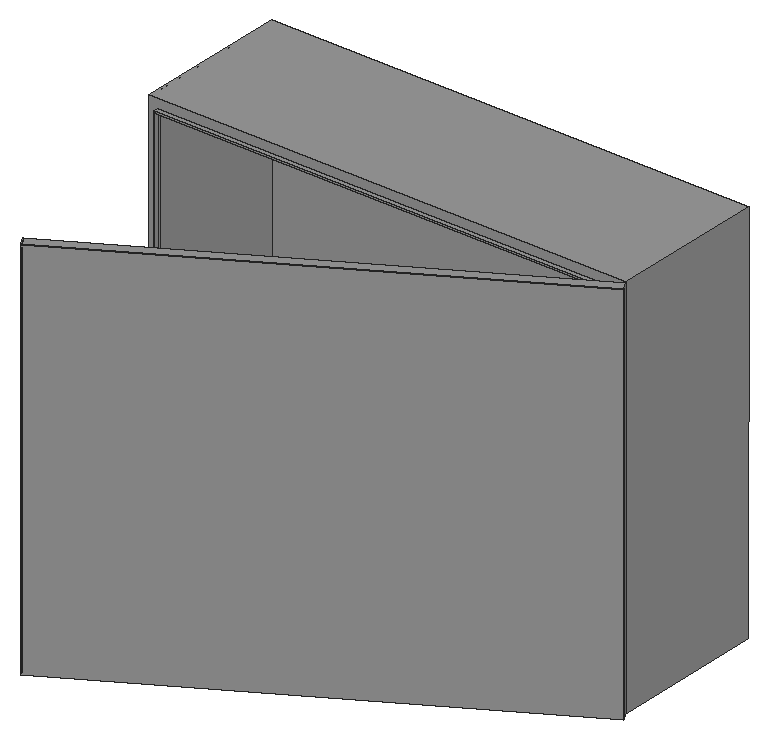
Revit family "Hager-Univers-IP55-D275-H650-Cl.II-Steel_encl-NoHosted-BE-fr", category Electrical Equipment, Revit 2020
Family settings
  Panel Configuration = Two Columns, Circuits Across
  Round Connector Dimension = Use Diameter
  Part Type = Panelboard
  Work Plane-Based = Yes
  Always vertical = Yes
  Cut with Voids When Loaded = No
  Shared = No
  Room Calculation Point = No
Parameters (values of type "saillie IP55 L800 H650 P275  - FR43S")
  Width Control [instance] = if([EF000008 - largeur] > Min Width, [EF000008 - largeur], Min Width)  # 800 mm
  Type Comments = [HG000003 - Gamme]  # "Univers"
  Thickness Door [instance] = if([EF009171 - épaisseur de matériau de la porte/du couvercle] > 3 mm, 3 mm, [EF009171 - épaisseur de matériau de la porte/du couvercle])  # 1.5 mm
  Seal Frame Offset [instance] = 17 mm  # constant formula
  Plinth Visibility [instance] = [HG000027 - Hauteur du socle] > 0 mm  # no
  Min Width [instance] = 100 mm  # constant formula
  Min Depth [instance] = (2 * [EF009170 - épaisseur de matériau du boîtier]) + 1 mm  # 4 mm
  Min Height [instance] = 100 mm  # constant formula
  Internal Frame Depth [instance] = (Door System Depth * 0.5)  # 9 mm
  Panel Name [instance] = ""  # (empty or 0)
  Model = ""
  HG000027 - Hauteur du socle = 0 mm
  HG000026 - Installation au sol = no
  HG000024 - Hauteur de la section basse = 600 mm
  HG000023 - Armoire double section = no
  HG000016 - Visibilité de la porte 3D [instance] = yes
  HG000015 - Visibilité de l'emprise de la porte [instance] = no
  HG000014 - Porte à droite [instance] = yes
  HG000013 - Porte à gauche [instance] = not([HG000014 - Porte à droite])  # no
  HG000012 - Angle de pivotement de la porte [instance] = 30.00°
  HG000010 - Portes asymétriques = no
  HG000009 - Porte à double battant = no
  HG000006 - Encastré = no
  HG000004 - Référence fabricant = "FR43S"
  HG000003 - Gamme = "Univers"
  HG000002 - avec porte = yes
  Frame Offset Bottom [instance] = 10 mm  # constant formula
  Frame Offset [instance] = 15 mm  # constant formula
  EF015940 - couvercle avec décharge de pression = no
  EF011959 - degré de protection (NEMA) = ""
  EF009554 - nombre d'ouvertures pour plaques à bride = 6
  EF009212 - finition du couvercle = "EV000116 - fermé"
  EF009171 - épaisseur de matériau de la porte/du couvercle = 1.5 mm
  EF009170 - épaisseur de matériau du boîtier = 1.5 mm
  EF008873 - courant nominal (In) = 800 A
  EF007800 - adapté à un parafoudre = no
  EF006306 - avec serrure = no
  EF006244 - couvercle/porte transparent(e) = no
  EF005474 - indice de protection (IP) = "EV006420 - IP55"
  EF004464 - type de porte = "EV002646 - unique"
  EF004427 - nombre de modules = 144
  EF004293 - indice de protection contre les chocs (IK) = "EV008784 - IK10"
  EF003532 - convient pour utilisation à l’extérieur = no
  EF002950 - largeur en nombre de modules = 24
  EF001613 - maintien de fonction = "EV000494 - sans"
  EF001596 - matériau du boîtier/corps = "EV000179 - acier"
  EF001131 - profondeur intérieure = 275 mm
  EF001088 - possibilité de montage en saillie = yes
  EF000437 - nombre d'entrées de conduit = 6
  EF000339 - type de capot = "EV004216 - porte"
  EF000266 - nombre de rangées = 4
  EF000218 - profondeur d'encastrement = 0 mm
  EF000118 - avec cadre/support de montage = no
  EF000116 - numéro RAL = "7035"
  EF000049 - profondeur = 275 mm
  EF000040 - hauteur = 650 mm
  EF000008 - largeur = 800 mm
  EF000007 - couleur = "EV000270 - gris"
  EF000003 - mode de pose = "EV000384 - saillie"
  Door System Leaf Tolerance [instance] = 1.5 mm  # constant formula
  Door System Depth [instance] = 18 mm  # constant formula
  Door Height [instance] = Height Control - [HG000027 - Hauteur du socle]  # 650 mm
  Description = ""
  Default Elevation = 1219.2 mm
  Connector Offset [instance] = Height Control / 2  # 325 mm
  Manufacturer = "Hager"  # constant formula
  Height Control [instance] = if([EF000040 - hauteur] > Min Height, [EF000040 - hauteur], Min Height)  # 650 mm
  Depth Control [instance] = if([EF000049 - profondeur] > Min Depth, [EF000049 - profondeur], Min Depth)  # 275 mm
  Bottom Top Plate Trim [instance] = 1.5 mm  # constant formula
  Plinth height Ctrl [instance] = if([HG000027 - Hauteur du socle] > 0 mm, [HG000027 - Hauteur du socle], 12 mm)  # 12 mm
Types (5, lengths in mm): name | Width Control | HG000010 - Portes asymétriques | HG000009 - Porte à double battant | HG000004 - Référence fabricant | EF009554 - nombre d'ouvertures pour plaques à bride | EF004464 - type de porte | EF004427 - nombre de modules | EF000437 - nombre d'entrées de conduit | EF000008 - largeur
  saillie IP55 L1050 H650 P275  - FR44S | 1050 | no | yes | "FR44S" | 8 | "EV003602 - double" | 192 | 8 | 1050
  saillie IP55 L1300 H650 P275  - FR45S | 1300 | yes | yes | "FR45S" | 10 | "EV003602 - double" | 240 | 10 | 1300
  saillie IP55 L300 H650 P275  - FR41S | 300 | no | no | "FR41S" | 2 | "EV002646 - unique" | 48 | 2 | 300
  saillie IP55 L550 H650 P275  - FR42S | 550 | no | no | "FR42S" | 4 | "EV002646 - unique" | 96 | 4 | 550
  saillie IP55 L800 H650 P275  - FR43S | 800 | no | no | "FR43S" | 6 | "EV002646 - unique" | 144 | 6 | 800
Reference planes
  plane 1 "Center (Front/Back)": y = 0
  plane 2: z = 0
  plane 3 "Center (Left/Right)": x = 0
  plane 4: y = 0
  plane 5: y = 0
  plane 6: z = 0
  plane 7: x = -400
  plane 8: x = 400
  plane 9: x = 398.5
  plane 10: x = -398.5
  plane 11: z = 0
  plane 12: z = 1.5
  plane 13: y = -275
  plane 14: y = -1.5
  plane 15: x = 0
  plane 16: y = -257
  plane 17: y = -273.5
  plane 18: y = -255.5
  plane 19: x = -383.5
  plane 20: x = 383.5
  plane 21: z = 11.5
  plane 22: x = -383
  plane 23: x = 383
  plane 24: z = 0
  plane 25: z = 650
  plane 26: z = 650
  plane 27: z = 633.5
  plane 28: z = 648.5
Forms (mm)
  Extrusion 1, solid, material "Hager_Steel_RAL7035_Light_Grey", detail levels medium+fine
    sketch origin (-208.679, -4572, 0) x (-1, 0, 0) y (0, -1, 0)
      loop
        line (191.321, -4315) -> (-608.679, -4315) -> (-608.679, -4572) -> (191.321, -4572) -> (191.321, -4315)
    from 0 to 650
  Extrusion 2, void
    sketch origin (-350.771, -275, 1219.2) x (1, 0, 0) y (0, 0, 1)
      loop
        line (-47.729, -570.7) -> (-47.729, -1217.7) -> (749.271, -1217.7) -> (749.271, -570.7) -> (-47.729, -570.7)
    from -19.5 to -273.5
  Extrusion 3, void
    sketch origin (-290.084, -257, 1219.2) x (1, 0, 0) y (0, 0, 1)
      loop
        line (-93.416, -1207.7) -> (673.584, -1207.7) -> (673.584, -585.7) -> (-93.416, -585.7) -> (-93.416, -1207.7)
    from 0 to -1.5
  Extrusion 4, solid, material "Hager_Steel_RAL7035_Light_Grey", visible <- "Plinth Visibility", detail levels medium+fine
    sketch origin (0, 0, 0) x (1, 0, 0) y (0, 1, 0)
      loop
        line (-400, 0) -> (-400, -257) -> (400, -257) -> (400, 0) -> (-400, 0)
    from 0 to 12 <- "Plinth height Ctrl"
  Extrusion 5, solid, material "Hager_Steel_RAL7035_Light_Grey", detail levels coarse
    sketch origin (0, 0, 0) x (1, 0, 0) y (0, 1, 0)
      loop
        line (-400, 0) -> (-400, -275) -> (400, -275) -> (400, 0) -> (-400, 0)
    from 0 to 650 <- "Height Control"
  Sweep 6, void
    path in 3D
      loop
        line (-400, -257, 12) -> (400, -257, 12) -> (400, 0, 12) -> (-400, 0, 12) -> (-400, -257, 12)
    profile origin (-400, -128.5, 12) x (1, 0, 0) y (0, 0, 1)
      loop
        line (0, 0) -> (0, -1.5) -> (1.5, -1.5)
        arc (1.5, -1.5) -> (1.061, -0.439) -> (0, 0) r 1.5
  Extrusion 7, solid, material "Hager_Steel_RAL7035_Light_Grey", detail levels fine
    sketch origin (-400, -257, 0) x (1, 0, 0) y (0, 0, 1)
      loop
        line (16.5, 11.5) -> (783.5, 11.5) -> (783.5, 633.5) -> (16.5, 633.5) -> (16.5, 11.5)
      loop
        line (15, 10) -> (785, 10) -> (785, 635) -> (15, 635) -> (15, 10)
    from 0 to 9 <- "Internal Frame Depth"
Cuts and joins
  Extrusion 2, Extrusion 3 cuts Extrusion 1
  Sweep 6 cuts Extrusion 4
Lines and regions (mm)
  Masking region 1
    outline origin (0, 0, 0) x (1, 0, 0) y (0, 1, 0)
      loop
        line (-400, 0) -> (-400, -275) -> (400, -275) -> (400, 0) -> (-400, 0)
  Masking region 2, detail levels coarse
    outline origin (-290.084, -257, 1219.2) x (-1, 0, 0) y (0, 0, 1)
      loop
        line (-690.084, -1219.2) -> (109.916, -1219.2) -> (109.916, -569.2) -> (-690.084, -569.2) -> (-690.084, -1219.2)
  Masking region 3, detail levels coarse
    outline origin (0, 0, 0) x (0, 1, 0) y (0, 0, 1)
      loop
        line (0, 0) -> (0, 650) -> (-275, 650) -> (-275, 0) -> (0, 0)
  Masking region 4, visible <- "Plinth Visibility", detail levels medium+fine
    outline origin (0, 0, 0) x (0, 1, 0) y (0, 0, 1)
      loop
        line (-1.5, 12) -> (-255.5, 12)
        arc (-255.5, 12) -> (-255.939, 10.939) -> (-257, 10.5) r 1.5
        line (-257, 10.5) -> (-257, 0) -> (0, 0) -> (0, 10.5)
        arc (0, 10.5) -> (-1.061, 10.939) -> (-1.5, 12) r 1.5
  Masking region 5, detail levels medium+fine
    outline origin (0, 0, 594.038) x (0, 1, 0) y (0, 0, 1)
      loop
        line (0, -594.038) -> (0, 55.962) -> (-257, 55.962) -> (-257, -594.038) -> (0, -594.038)
  Masking region 6, detail levels medium+fine
    outline origin (-359.7, -257, 1211.883) x (-1, 0, 0) y (0, 0, 1)
      loop
        line (-759.7, -1211.883) -> (40.3, -1211.883) -> (40.3, -561.883) -> (-759.7, -561.883) -> (-759.7, -1211.883)
  Masking region 7, visible <- "Plinth Visibility", detail levels medium+fine
    outline origin (-320.334, -257, 1041.368) x (-1, 0, 0) y (0, 0, 1)
      loop
        line (-720.334, -1041.368) -> (79.666, -1041.368) -> (79.666, -1030.868)
        arc (79.666, -1030.868) -> (78.606, -1030.429) -> (78.166, -1029.368) r 1.5
        line (78.166, -1029.368) -> (-718.834, -1029.368)
        arc (-718.834, -1029.368) -> (-719.273, -1030.429) -> (-720.334, -1030.868) r 1.5
        line (-720.334, -1030.868) -> (-720.334, -1041.368)
  sketch lines
    curve 1: line (-400, 0, 12) -> (-400, -257, 12)
    curve 2: line (-400, -257, 12) -> (400, -257, 12)
    curve 3: line (400, 0, 12) -> (-400, 0, 12)
    curve 4: line (400, -257, 12) -> (400, 0, 12)
Dimensions and locks
  locked: plane 1 "Center (Front/Back)" to plane 5
  "EF009170 - épaisseur de matériau du boîtier": plane 7 to plane 10
  "EF009170 - épaisseur de matériau du boîtier": plane 8 to plane 9
  equal spacing: plane 7, plane 3 "Center (Left/Right)", plane 8
  "Width Control": plane 7 to plane 8
  "Depth Control": plane 4 to plane 13
  "EF009170 - épaisseur de matériau du boîtier": plane 4 to plane 14
  "Height Control": plane 25 to level
  "HG000027 - Hauteur du socle": plane 11 to level
  "EF009170 - épaisseur de matériau du boîtier": plane 12 to plane 11
  "EF009170 - épaisseur de matériau du boîtier": plane 17 to plane 13
  "EF009170 - épaisseur de matériau du boîtier": plane 18 to plane 16
  "Frame Offset Bottom": plane 21 to plane 12
  "Frame Offset": plane 10 to plane 19
  "Frame Offset": plane 9 to plane 20
  "Door System Depth": plane 16 to plane 13
  "Seal Frame Offset": plane 7 to plane 22
  "Seal Frame Offset": plane 8 to plane 23
  "EF009170 - épaisseur de matériau du boîtier": plane 26 to plane 28
  "Frame Offset": plane 28 to plane 27
  "Connector Offset": plane 2 to connector elem
  "Bottom Top Plate Trim": profile plane to Sweep 6 sketch curve
  "Bottom Top Plate Trim": Sweep 6 sketch curve to Sweep 6 sketch curve
  "Plinth height Ctrl": Masking region 4 sketch curve to level
  "Plinth height Ctrl": Masking region 7 sketch curve to level
  "Thickness Door": Extrusion 7 sketch curve to Extrusion 7 sketch curve  (x4)
  "Bottom Top Plate Trim": radius of Sweep 6 sketch curve
  "Bottom Top Plate Trim": radius of Masking region 4 sketch curve  (x2)
  "Bottom Top Plate Trim": radius of Masking region 7 sketch curve  (x2)
  aligned and locked: Extrusion 2 sketch curve to plane 12
  aligned and locked: Extrusion 2 sketch curve to plane 9
  aligned and locked: Extrusion 2 sketch curve to plane 10
  aligned and locked: Extrusion 2 to plane 14
  aligned and locked: Extrusion 1 sketch curve to plane 4
  aligned and locked: plane 8 to Extrusion 1 sketch curve
  aligned and locked: plane 7 to Extrusion 1 sketch curve
  aligned and locked: Extrusion 2 to plane 18
  aligned and locked: Extrusion 3 sketch curve to plane 19
  aligned and locked: plane 20 to Extrusion 3 sketch curve
  aligned and locked: Extrusion 3 to Extrusion 2
  aligned and locked: Extrusion 3 sketch curve to plane 21
  aligned and locked: plane 3 "Center (Left/Right)" to nested 1
  aligned and locked: Extrusion 1 sketch curve to plane 16
  aligned and locked: Extrusion 4 sketch curve to cut or joined group of Extrusion 1, Extrusion 2, Extrusion 3
  aligned and locked: Masking region 1 sketch curve to plane 7
  aligned and locked: Masking region 1 sketch curve to plane 5
  aligned and locked: Masking region 1 sketch curve to plane 8
  aligned and locked: Masking region 2 sketch curve to level
  aligned and locked: level to Masking region 3 sketch curve
  aligned and locked: plane 1 "Center (Front/Back)" to Masking region 3 sketch curve
  aligned and locked: plane 13 to Masking region 3 sketch curve
  aligned and locked: plane 5 to Masking region 4 sketch curve
  aligned and locked: Masking region 2 sketch curve to plane 8
  aligned and locked: Masking region 2 sketch curve to plane 7
  aligned and locked: plane 7 to nested 2
  aligned and locked: nested 2 to plane 5
  aligned and locked: plane 5 to Masking region 5 sketch curve
  aligned and locked: plane 26 to Masking region 5 sketch curve
  aligned and locked: Extrusion 5 sketch curve to plane 8
  aligned and locked: Extrusion 5 sketch curve to plane 7
  aligned and locked: Extrusion 5 sketch curve to plane 5
  aligned and locked: Extrusion 3 sketch curve to plane 27
  aligned and locked: Extrusion 2 sketch curve to plane 28
  aligned and locked: Masking region 2 to plane 25
  aligned and locked: Extrusion 4 to plane 16
  aligned and locked: profile plane to Sweep 6 sketch curve
  aligned and locked: Masking region 5 sketch curve to plane 24
  aligned and locked: level to Masking region 4 sketch curve
  aligned and locked: Masking region 1 to plane 13
  aligned and locked: nested 1 to plane 16
  aligned and locked: Masking region 3 to plane 25
  aligned and locked: plane 16 to Masking region 4 sketch curve
  aligned and locked: Masking region 5 sketch curve to plane 16
  aligned and locked: plane 24 to plane 11
  aligned and locked: plane 26 to plane 25
  aligned and locked: plane 26 to cut or joined group of Extrusion 1, Extrusion 2, Extrusion 3
  aligned and locked: nested 1 to plane 24
  aligned and locked: Extrusion 1 to Extrusion 3
  aligned and locked: Masking region 6 sketch curve to plane 8
  aligned and locked: Masking region 6 sketch curve to plane 24
  aligned and locked: Masking region 6 sketch curve to plane 7
  aligned and locked: Masking region 6 sketch curve to plane 26
  aligned and locked: Masking region 7 sketch curve to plane 7
  aligned and locked: level to Masking region 7 sketch curve
  aligned and locked: Masking region 7 sketch curve to plane 8
  aligned and locked: Extrusion 7 sketch curve to cut or joined group of Extrusion 1, Extrusion 2, Extrusion 3  (x4)
Automatic sketch dimensions
  plane 19 to Extrusion 3 sketch curve = 0 mm
  Extrusion 3 sketch curve to plane 20 = 0 mm
  Extrusion 3 sketch curve to plane 21 = 0 mm
  Extrusion 4 sketch curve to plane 7 = 0 mm
  Extrusion 4 sketch curve to plane 8 = 0 mm
  Extrusion 4 sketch curve to plane 16 = 0 mm
  Masking region 1 sketch curve to plane 13 = 0 mm
  Masking region 2 sketch curve to plane 25 = 0 mm
  Masking region 3 sketch curve to plane 25 = 0 mm
  Extrusion 5 sketch curve to plane 13 = 0 mm
  profile plane to Sweep 6 sketch curve = 0 mm
Nested families
  nested 1: "EC000058_Univers_Door" at (0, -257, 0), Double <- "HG000009 - Porte à double battant", Transparent <- "EF006244 - couvercle/porte transparent(e)", Angle <- "HG000012 - Angle de pivotement de la porte", Door_Right <- "HG000014 - Porte à droite", Assymetrical <- "HG000010 - Portes asymétriques", Door <- "HG000002 - avec porte", Width_Ctrl <- "Width Control", 3d_Door <- "HG000016 - Visibilité de la porte 3D", Clearance <- "HG000015 - Visibilité de l'emprise de la porte", Door_Left <- "HG000013 - Porte à gauche", Width <- "Width Control", Door_Depth <- "Door System Depth", Leaf_Tolerance <- "Door System Leaf Tolerance", Height <- "Door Height", Lock_Visibility <- "EF006306 - avec serrure", Thickness <- "Thickness Door", type "EC000058_Univers_Door", detail levels medium+fine
    with min_wh 4 mm, Width_Ctrl 800 mm, Width 800 mm, Transparent no, Thickness 1.5 mm, Seal_Material Hager_Rubber, Lock_Visibility no, Lock_Material Hager_Plastic_RAL9005_Jet_Black, Leaf_Width 800 mm, Leaf_Tolerance_External_Sides 0 mm, Leaf_Tolerance 1.5 mm, Leaf_Offset 0 mm, Leaf_Height 647 mm, Leaf_2_Width 800 mm, Leaf_2_Offset 400 mm, Leaf_1_Width 800 mm, Leaf_1_Offset 400 mm, Height_Ctrl 650 mm, Height 650 mm, Glass_Material Hager_Glass, Double_Clearance_Ctrl no, Double no, Door_Right_Ctrl yes, Door_Right yes, Door_Material Hager_Steel_RAL7035_Light_Grey, Door_Left_Ctrl no, Door_Left no, Door_Depth 18 mm, Door yes, Clearance_Material Hager_Clearance, Clearance_Depth 800 mm, Clearance_Ctrl no, Clearance no, Assymetrical no, Angle 30.00°, 3d_Door yes
  nested 2: "Hager_Enclosure_Symbol" at (-400, 0, 0), Height <- "Depth Control", Width <- "Width Control", type "Hager_Enclosure_Symbol"
    with Width_Ctrl 800 mm, Width 800 mm, Height_Ctrl 275 mm, Height 275 mm, A_Width_Int 18.047 mm, A_Width 216.562 mm, A_Height_Ctrl 240.625 mm, A_Height 240.625 mm
Connectors
  electrical at (0, 0, 325)
    settings: on plane 1 "Center (Front/Back)", index 1, voltage 0 V, apparent load 0 VA, apparent load phase1 0 VA, apparent load phase2 0 VA, apparent load phase3 0 VA, power factor 1, load classification "Other", number of poles 1, system type 30, power factor state 1, is connector primary yes, connector utility no, sub classification motor no, connector description ""
Definition of nested family "EC000058_Univers_Door"
  Parameters (values of type "EC000058_Univers_Door")
    min_wh [instance] = (2 * Thickness) + 1 mm  # 11 mm
    Width_Ctrl [instance] = 400 mm
    Width [instance] = 500 mm
    Transparent [instance] = yes
    Thickness [instance] = 5 mm
    Seal_Material [instance] = none
    Lock_Visibility [instance] = yes
    Lock_Material [instance] = none
    Leaf_Width [instance] = if((Width_Ctrl - 2 * Leaf_Tolerance_External_Sides) > 0 mm, (Width_Ctrl - 2 * Leaf_Tolerance_External_Sides), min_wh)  # 400 mm
    Leaf_Tolerance_External_Sides [instance] = 0 mm  # constant formula
    Leaf_Tolerance [instance] = 1.5 mm
    Leaf_Offset [instance] = 0 mm  # constant formula
    Leaf_Height [instance] = if((Height_Ctrl - 2 * Leaf_Tolerance) > 0 mm, (Height_Ctrl - 2 * Leaf_Tolerance), min_wh)  # 497 mm
    Leaf_2_Width [instance] = if(and(and(Double, Assymetrical), Door_Left), (Leaf_Width / 3) - (Leaf_Tolerance / 2), if(and(and(Double, Assymetrical), Door_Right), (Leaf_Width / 3) * 2 - (Leaf_Tolerance / 2), if(and(Double, not(Assymetrical)), (Leaf_Width / 2) - Leaf_Tolerance, Leaf_Width)))  # 400 mm
    Leaf_2_Offset [instance] = if(and(Double, Assymetrical), Leaf_2_Width / 2, if(and(Double, not(Assymetrical)), Leaf_Width / 4, Leaf_Width / 2))  # 200 mm
    Leaf_1_Width [instance] = if(and(and(Double, Assymetrical), Door_Right), (Leaf_Width / 3) - (Leaf_Tolerance / 2), if(and(and(Double, Assymetrical), Door_Left), (Width / 3) * 2 - (Leaf_Tolerance / 2), if(and(Double, not(Assymetrical)), (Leaf_Width / 2) - Leaf_Tolerance, Leaf_Width)))  # 400 mm
    Leaf_1_Offset [instance] = if(and(Double, Assymetrical), Leaf_1_Width / 2, if(and(Double, not(Assymetrical)), Leaf_Width / 4, Leaf_Width / 2))  # 200 mm
    Height_Ctrl [instance] = if(Height > min_wh, Height, min_wh)  # 500 mm
    Height [instance] = 500 mm
    Glass_Material [instance] = none
    Double_Clearance_Ctrl [instance] = and(Double, Clearance)  # no
    Double [instance] = no
    Door_Right_Ctrl [instance] = and(or(Door_Right, Double), Door)  # yes
    Door_Right [instance] = yes
    Door_Material [instance] = none
    Door_Left_Ctrl [instance] = and(or(Door_Left, Double), Door)  # no
    Door_Left [instance] = no
    Door_Depth [instance] = 30 mm
    Door [instance] = yes
    Default Elevation = 1219.2 mm
    Clearance_Material [instance] = none
    Clearance_Depth [instance] = if(Leaf_1_Width > Leaf_2_Width, Leaf_1_Width, Leaf_2_Width)  # 400 mm
    Clearance_Ctrl [instance] = and(not(Double), Clearance)  # yes
    Clearance [instance] = yes
    Assymetrical [instance] = yes
    Angle [instance] = 30.00°
    3d_Door [instance] = yes
  Reference planes
    plane 1 "Center (Front/Back)": y = 0
    plane 2 "Bottom": z = 0
    plane 3 "Center (Left/Right)": x = 0
    plane 4: z = 500
    plane 5: x = -200
    plane 6: x = 200
    plane 7: z = 500
    plane 8: x = -200
    plane 9: z = 0
    plane 10: x = 200
    plane 11: y = 0
    plane 12: z = 1.5
    plane 13: x = -600
    plane 14: y = -400
    plane 15: x = 600
    plane 16: x = 0
    plane 17: x = 0
    plane 18: x = -200
    plane 19: x = 200
    plane 20: z = 498.5
  Forms (mm)
    Extrusion 1, solid, material <- "Clearance_Material", visible <- "Double_Clearance_Ctrl"
      sketch origin (1200, 0, 0) x (1, 0, 0) y (0, 0, -1)
        loop
          line (-1800, -498.5) -> (-600, -498.5) -> (-600, 0) -> (-1800, 0) -> (-1800, -498.5)
      from 0 to -400
  Dimensions and locks
    equal spacing: plane 5, plane 3 "Center (Left/Right)", plane 6
    "Width_Ctrl": plane 5 to plane 6
    "Leaf_Offset": plane 5 to plane 8
    "Leaf_Offset": plane 6 to plane 10
    "Leaf_Offset": plane 9 to level
    "Leaf_Offset": plane 4 to plane 7
    "Height_Ctrl": plane 4 to level
    "Leaf_Tolerance": plane 12 to plane 9
    locked: plane 11 to plane 1 "Center (Front/Back)"
    "Leaf_1_Offset": plane 18 to plane 16
    "Leaf_2_Offset": plane 17 to plane 19
    "Leaf_1_Width": plane 13 to plane 8
    "Leaf_2_Width": plane 10 to plane 15
    "Clearance_Depth": plane 14 to plane 1 "Center (Front/Back)"
    "Leaf_Tolerance_External_Sides": plane 8 to plane 18
    "Leaf_Tolerance_External_Sides": plane 19 to plane 10
    "Leaf_Tolerance": plane 7 to plane 20
    aligned and locked: level to plane 2 "Bottom"
    aligned and locked: nested 1 to plane 16
    aligned and locked: nested 2 to plane 17
    aligned and locked: Extrusion 1 to plane 13
    aligned and locked: plane 15 to Extrusion 1
    aligned and locked: Extrusion 1 to plane 14
    aligned and locked: plane 12 to nested 1
    aligned and locked: nested 2 to plane 12
    aligned and locked: Extrusion 1 to plane 11
    aligned and locked: plane 20 to Extrusion 1
    aligned and locked: nested 2 to plane 11
    aligned and locked: nested 1 to plane 11
  Automatic sketch dimensions
    Extrusion 1 sketch curve to level = 0 mm
    plane 5 to Extrusion 1 sketch curve = 400 mm
    plane 6 to Extrusion 1 sketch curve = 400 mm
    Extrusion 1 sketch curve to plane 4 = 1.5 mm
  Nested families
    nested 1: "EC000058_Univers_Door_Leaf" at (0, 0, 1.5), Width <- "Leaf_1_Width", visible <- "Door_Left_Ctrl", Leaf_Height <- "Leaf_Height", Angle <- "Angle", 3d_Door <- "3d_Door", Transparent <- "Transparent", Clearance Material <- "Clearance_Material", Clearance <- "Clearance_Ctrl", Door_Material <- "Door_Material", Glass_Material <- "Glass_Material", Door_Depth <- "Door_Depth", Lock_Material <- "Lock_Material", Seal_Material <- "Seal_Material", Lock_Visibility <- "Lock_Visibility", Thickness <- "Thickness", type "EC000058_Univers_Door_Leaf"
      with Width 400 mm, Transparent_Glass_Offset 30 mm, Transparent_Ctrl yes, Transparent yes, Thickness 5 mm, Standard no, Seal_Material none, Seal_D2 8 mm, Seal_D1 1 mm, Offset_Internal_Frame 10 mm, Lock_Width 20 mm, Lock_Visibility_3d yes, Lock_Visibility yes, Lock_Thickness_3 3 mm, Lock_Thickness_2 1 mm, Lock_Thickness_1 3 mm, Lock_Radius_Offset_2 16 mm, Lock_Radius_Offset_1 15 mm, Lock_Radius_2 5 mm, Lock_Radius 6 mm, Lock_Offset 5 mm, Lock_Material none, Lock_Height 80 mm, Lock_Cover_Top_Offset_2d 17 mm, Lock_Cover_Height -65 mm, Leaf_Height 497 mm, Internal_Seal_Thickness 8 mm, Internal_Seal_Depth_2 4.5 mm, Internal_Frame_Depth 25 mm, Glass_Thickness -1 mm, Glass_Offset -2 mm, Glass_Material none, Door_Material none, Door_Depth 30 mm, Clearance Material none, Clearance yes, Angle_Ctrl 30.00°, Angle 30.00°, 3d_Door yes
    nested 2: "EC000058_Univers_Door_Leaf" at (0, 0, 1.5) x (-1, 0, 0) z (0, 0, 1), Width <- "Leaf_2_Width", visible <- "Door_Right_Ctrl", Leaf_Height <- "Leaf_Height", Angle <- "Angle", 3d_Door <- "3d_Door", Transparent <- "Transparent", Clearance Material <- "Clearance_Material", Clearance <- "Clearance_Ctrl", Door_Material <- "Door_Material", Glass_Material <- "Glass_Material", Door_Depth <- "Door_Depth", Lock_Material <- "Lock_Material", Seal_Material <- "Seal_Material", Lock_Visibility <- "Lock_Visibility", Thickness <- "Thickness", type "EC000058_Univers_Door_Leaf"
      with Width 400 mm, Transparent_Glass_Offset 30 mm, Transparent_Ctrl yes, Transparent yes, Thickness 5 mm, Standard no, Seal_Material none, Seal_D2 8 mm, Seal_D1 1 mm, Offset_Internal_Frame 10 mm, Lock_Width 20 mm, Lock_Visibility_3d yes, Lock_Visibility yes, Lock_Thickness_3 3 mm, Lock_Thickness_2 1 mm, Lock_Thickness_1 3 mm, Lock_Radius_Offset_2 16 mm, Lock_Radius_Offset_1 15 mm, Lock_Radius_2 5 mm, Lock_Radius 6 mm, Lock_Offset 5 mm, Lock_Material none, Lock_Height 80 mm, Lock_Cover_Top_Offset_2d 17 mm, Lock_Cover_Height -65 mm, Leaf_Height 497 mm, Internal_Seal_Thickness 8 mm, Internal_Seal_Depth_2 4.5 mm, Internal_Frame_Depth 25 mm, Glass_Thickness -1 mm, Glass_Offset -2 mm, Glass_Material none, Door_Material none, Door_Depth 30 mm, Clearance Material none, Clearance yes, Angle_Ctrl 30.00°, Angle 30.00°, 3d_Door yes
  Definition of nested family "EC000058_Univers_Door_Leaf"
    Parameters (values of type "EC000058_Univers_Door_Leaf")
      Width [instance] = 2000 mm
      Transparent_Glass_Offset [instance] = 30 mm
      Transparent_Ctrl [instance] = and(Transparent, [3d_Door])  # yes
      Transparent [instance] = yes
      Thickness [instance] = 5 mm
      Standard [instance] = and(not(Transparent), [3d_Door])  # no
      Seal_Material [instance] = none
      Seal_D2 [instance] = 8 mm  # constant formula
      Seal_D1 [instance] = 1 mm  # constant formula
      Offset_Internal_Frame [instance] = 10 mm  # constant formula
      Lock_Width [instance] = 20 mm  # constant formula
      Lock_Visibility_3d [instance] = and(Lock_Visibility, [3d_Door])  # yes
      Lock_Visibility [instance] = yes
      Lock_Thickness_3 [instance] = 3 mm  # constant formula
      Lock_Thickness_2 [instance] = 1 mm  # constant formula
      Lock_Thickness_1 [instance] = 3 mm  # constant formula
      Lock_Radius_Offset_2 [instance] = Lock_Radius_Offset_1 + 1 mm  # 16 mm
      Lock_Radius_Offset_1 [instance] = 15 mm  # constant formula
      Lock_Radius_2 [instance] = Lock_Radius - 1 mm  # 5 mm
      Lock_Radius [instance] = 6 mm  # constant formula
      Lock_Offset [instance] = 5 mm  # constant formula
      Lock_Material [instance] = none
      Lock_Height [instance] = 80 mm  # constant formula
      Lock_Cover_Top_Offset_2d [instance] = Lock_Radius_Offset_2 + 1 mm  # 17 mm
      Lock_Cover_Height [instance] = -(Lock_Height - Lock_Radius_Offset_1)  # -65 mm
      Leaf_Height [instance] = 2720.336 mm
      Internal_Seal_Thickness [instance] = 8 mm  # constant formula
      Internal_Seal_Depth_2 [instance] = 4.5 mm  # constant formula
      Internal_Frame_Depth [instance] = if(Door_Depth - Thickness > 5 mm, Door_Depth - Thickness, 5 mm)  # 25 mm
      Glass_Thickness [instance] = if(Thickness > 15 mm, Glass_Offset + 10 mm, -1 mm)  # -1 mm
      Glass_Offset [instance] = if(Thickness > 15 mm, -(Thickness + 10 mm) / 2, -2 mm)  # -2 mm
      Glass_Material [instance] = none
      Door_Material [instance] = none
      Door_Depth [instance] = 30 mm
      Default Elevation = 0 mm
      Clearance Material [instance] = none
      Clearance [instance] = yes
      Angle_Ctrl [instance] = if(Angle > 180.00°, 180.00°, Angle)  # 90.00°
      Angle [instance] = 90.00°
      3d_Door [instance] = yes
    Reference planes
      plane 1 "Center (Front/Back)": y = 0
      plane 2: z = 0
      plane 3 "Center (Left/Right)": x = 0
      plane 4: y = 2000
      plane 5: x = -1000
      plane 6: x = 1000
      plane 7: x = -3000
      plane 8: z = 2720.336
      plane 9: z = 30
      plane 10: z = 2690.336
      plane 11: x = 970
      plane 12: x = -970
      plane 13: y = -3
      plane 14: z = 107.833
      plane 15: y = -5
      plane 16: y = -223.314
      plane 17: x = -1000
      plane 18: z = 1360.168
      plane 19: y = 30
    Forms (mm)
      Extrusion 1, solid, material <- "Clearance Material", visible <- "Clearance"
        sketch origin (0, 0, 0) x (1, 0, 0) y (0, 0, 1)
          loop
            line (-3000, 2720.336) -> (-3000, 0) -> (1000, 0) -> (1000, 2720.336) -> (-3000, 2720.336)
        from 0 to -2000
      Extrusion 2, solid, material <- "Door_Material", visible <- "Standard", detail levels medium+fine
        sketch origin (-1000, 0, 0) x (0, 1, 0) y (-1, 0, 0)
          loop
            line (0, 30) -> (0, 25) -> (2000, 25) -> (2000, 30) -> (0, 30)
        from 0 to 2720.336 <- "Leaf_Height"
      Extrusion 3, solid, material <- "Door_Material", visible <- "Transparent_Ctrl", detail levels medium+fine
        sketch origin (-1000, 0, 0) x (0, 1, 0) y (-1, 0, 0)
          loop
            line (0, 25) -> (2000, 25) -> (2000, 30) -> (0, 30) -> (0, 25)
        from 0 to 2720.336 <- "Leaf_Height"
      Extrusion 4, void
        sketch origin (-1025, 2000, 0) x (0, 1, 0) y (0, 0, -1)
          loop
            line (-30, -2690.336) -> (-30, -30) -> (-1970, -30) -> (-1970, -2690.336) -> (-30, -2690.336)
        from 0 to 5 <- "Thickness"
      Sweep 5, solid, material <- "Seal_Material", visible <- "Transparent_Ctrl", detail levels fine
        path in 3D
          loop
            line (-1025, 30, 30) -> (-1025, 30, 2690.336) -> (-1025, 1970, 2690.336) -> (-1025, 1970, 30) -> (-1025, 30, 30)
        profile origin (-1025, 1000, 30) x (1, 0, 0) y (0, 0, 1)
          loop
            line (0, 0) -> (0, -8) -> (1, -8) -> (1, 0) -> (0, 0)
      Extrusion 6, solid, material <- "Glass_Material", visible <- "Transparent_Ctrl", detail levels medium+fine
        sketch origin (-1030, 0, 0) x (0, 1, 0) y (0, 0, -1)
          loop
            line (1970, -2690.336) -> (1970, -30) -> (30, -30) -> (30, -2690.336) -> (1970, -2690.336)
        from -2 <- "Glass_Offset" to -1 <- "Glass_Thickness"
      Extrusion 7, solid, material <- "Door_Material", visible <- "3d_Door", detail levels medium+fine
        sketch origin (-1025, 2000, 0) x (0, -1, 0) y (0, 0, -1)
          loop
            line (0, -2720.336) -> (2000, -2720.336) -> (2000, 0) -> (0, 0) -> (0, -2720.336)
          loop
            line (1995, -5) -> (5, -5) -> (5, -2715.336) -> (1995, -2715.336) -> (1995, -5)
        from 0 to 25 <- "Internal_Frame_Depth"
      Sweep 8, solid, material <- "Seal_Material", visible <- "Transparent_Ctrl", detail levels fine
        path in 3D
          loop
            line (-1025, 0, 0) -> (-1025, 2000, 0) -> (-1025, 2000, 2720.336) -> (-1025, 0, 2720.336) -> (-1025, 0, 0)
        profile origin (-1025, 0, 1360.168) x (1, 0, 0) y (0, 1, 0)
          loop
            line (0, 10) -> (2.975, 10)
            arc (2.975, 10) -> (4.053, 10.447) -> (4.5, 11.525) r 1.525
            line (4.5, 11.525) -> (4.5, 16.527)
            arc (4.5, 16.527) -> (4.069, 17.569) -> (3.027, 18) r 1.473
            line (3.027, 18) -> (0, 18) -> (0, 10)
      Extrusion 9, solid, material <- "Lock_Material", visible <- "Lock_Visibility_3d", detail levels fine
        sketch origin (-1030, 0, 0) x (0, 1, 0) y (0, 0, -1)
          loop
            arc (1993.5, -1400.168) -> (1994.561, -1399.729) -> (1995, -1398.668) r 1.5
            line (1995, -1398.668) -> (1995, -1320.168) -> (1975, -1320.168) -> (1975, -1398.668)
            arc (1975, -1398.668) -> (1975.439, -1399.729) -> (1976.5, -1400.168) r 1.5
            line (1976.5, -1400.168) -> (1993.5, -1400.168)
        from 3 <- "Lock_Thickness_1" to 0
      Blend 10, solid, material <- "Lock_Material", visible <- "Lock_Visibility_3d", detail levels fine
        base sketch origin (-1033, 0, 0) x (0, 1, 0) y (0, 0, -1)
          loop
            line (1975, -1320.168) -> (1975, -1398.668)
            arc (1975, -1398.668) -> (1975.439, -1399.729) -> (1976.5, -1400.168) r 1.5
            line (1976.5, -1400.168) -> (1993.5, -1400.168)
            arc (1993.5, -1400.168) -> (1994.561, -1399.729) -> (1995, -1398.668) r 1.5
            line (1995, -1398.668) -> (1995, -1320.168) -> (1975, -1320.168)
        top sketch origin (-1033, 0, 0) x (0, 1, 0) y (0, 0, -1)
          loop
            line (1976, -1320.168) -> (1976, -1398.668)
            arc (1976, -1398.668) -> (1976.146, -1399.022) -> (1976.5, -1399.168) r 0.5
            line (1976.5, -1399.168) -> (1993.5, -1399.168)
            arc (1993.5, -1399.168) -> (1993.854, -1399.022) -> (1994, -1398.668) r 0.5
            line (1994, -1398.668) -> (1994, -1320.168) -> (1976, -1320.168)
        from 0 to 1 <- "Lock_Thickness_2"
      Blend 11, solid, material <- "Lock_Material", visible <- "Lock_Visibility_3d", detail levels fine
        base sketch origin (-1034, 0, 0) x (0, 1, 0) y (0, 0, -1)
          loop
            line (1978, -1320.168) -> (1978, -1384.168)
            arc (1978, -1384.168) -> (1985, -1391.168) -> (1992, -1384.168) r 7
            line (1992, -1384.168) -> (1992, -1320.168) -> (1978, -1320.168)
        top sketch origin (-1034, 0, 0) x (0, 1, 0) y (0, 0, -1)
          loop
            line (1991, -1320.168) -> (1979, -1320.168) -> (1979, -1383.168)
            arc (1979, -1383.168) -> (1985, -1389.168) -> (1991, -1383.168) r 6
            line (1991, -1383.168) -> (1991, -1320.168)
        from 0 to 3 <- "Lock_Thickness_3"
      Extrusion 12, solid, material <- "Lock_Material", visible <- "Lock_Visibility_3d", detail levels fine
        sketch origin (-1030, 1975, 1320.168) x (1, 0, 0) y (0, -1, 0)
          loop
            line (-7, -19) -> (-7, -1) -> (0, -1) -> (0, 0) -> (-8, 0) -> (-8, -20) -> (0, -20) -> (0, -19) -> (-7, -19)
        from 0 to -65 <- "Lock_Cover_Height"
      Extrusion 13, void
        sketch origin (-1038, 1995, 1320.168) x (-1, 0, 0) y (0, 0, -1)
          loop
            line (-5, -65) -> (0, -65) -> (-5, -60) -> (-5, -65)
        from 0 to 20 <- "Lock_Width"
      Extrusion 14, void
        sketch origin (-1038, 1975, 1320.168) x (0, -1, 0) y (0, 0, -1)
          loop
            circle (-10, -15.995) r 6
          loop
            circle (-10, -15.995) r 5
        from 0 to 2
      Extrusion 15, solid, material <- "Lock_Material", visible <- "Lock_Visibility_3d", detail levels medium
        sketch origin (-1030, 0, 0) x (0, 1, 0) y (0, 0, -1)
          loop
            arc (1993.5, -1400.168) -> (1994.561, -1399.729) -> (1995, -1398.668) r 1.5
            line (1995, -1398.668) -> (1995, -1320.168) -> (1975, -1320.168) -> (1975, -1398.668)
            arc (1975, -1398.668) -> (1975.439, -1399.729) -> (1976.5, -1400.168) r 1.5
            line (1976.5, -1400.168) -> (1993.5, -1400.168)
        from 8 to 0
    Cuts and joins
      Extrusion 4 cuts Extrusion 3
      Extrusion 13, Extrusion 14 cuts Extrusion 9
      Extrusion 14 cuts Blend 11
      Extrusion 13, Extrusion 14 cuts Extrusion 12
      joined: Extrusion 9, Blend 10, Blend 11, Extrusion 12
      Extrusion 14 cuts Extrusion 15
    Lines and regions (mm)
      Masking region 1, visible <- "Lock_Visibility", detail levels fine
        outline origin (0, 0, 0) x (0, 1, 0) y (0, 0, 1)
          loop
            line (30, 1320.168) -> (33, 1320.168) -> (33, 1400.168) -> (30, 1400.168) -> (30, 1320.168)
      Masking region 2, visible <- "Lock_Visibility", detail levels fine
        outline origin (0, 3.143, 0) x (0, 1, 0) y (0, 0, 1)
          loop
            line (29.857, 1354.168) -> (30.857, 1354.168) -> (30.857, 1366.168) -> (29.857, 1366.168) -> (29.857, 1354.168)
      Masking region 3, detail levels medium+fine
        outline origin (0, 0, 0) x (0, 1, 0) y (0, 0, 1)
          loop
            line (0, 0) -> (30, 0) -> (30, 2720.336) -> (0, 2720.336) -> (0, 0)
      Masking region 4, detail levels medium+fine
        outline origin (0, 0, 0) x (1, 0, 0) y (0, 0, 1)
          loop
            line (-1000, 2720.336) -> (-1000, 0) -> (1000, 0) -> (1000, 2720.336) -> (-1000, 2720.336)
      Masking region 5, visible <- "Lock_Visibility", detail levels fine
        outline origin (-47.116, 0, 0) x (1, 0, 0) y (0, 0, 1)
          loop
            arc (1024.616, 1399.168) -> (1023.556, 1398.729) -> (1023.116, 1397.668) r 1.5
            line (1023.116, 1397.668) -> (1023.116, 1320.168) -> (1041.116, 1320.168) -> (1041.116, 1397.668)
            arc (1041.116, 1397.668) -> (1040.677, 1398.729) -> (1039.616, 1399.168) r 1.5
            line (1039.616, 1399.168) -> (1024.616, 1399.168)
      Masking region 6, visible <- "Lock_Visibility", detail levels medium+fine
        outline origin (-25, 0, 0) x (1, 0, 0) y (0, 0, 1)
          loop
            arc (1001.5, 1400.168) -> (1000.439, 1399.729) -> (1000, 1398.668) r 1.5
            line (1000, 1398.668) -> (1000, 1320.168) -> (1020, 1320.168) -> (1020, 1398.668)
            arc (1020, 1398.668) -> (1019.561, 1399.729) -> (1018.5, 1400.168) r 1.5
            line (1018.5, 1400.168) -> (1001.5, 1400.168)
      Masking region 7, visible <- "Lock_Visibility", detail levels fine
        outline origin (-73.735, 0, 0) x (1, 0, 0) y (0, 0, 1)
          loop
            line (1051.735, 1382.168) -> (1065.735, 1382.168) -> (1065.735, 1384.168)
            arc (1065.735, 1384.168) -> (1058.735, 1391.168) -> (1051.735, 1384.168) r 7
            line (1051.735, 1384.168) -> (1051.735, 1382.168)
      Masking region 8, visible <- "Lock_Visibility", detail levels fine
        outline origin (-73.735, 0, 0) x (1, 0, 0) y (0, 0, 1)
          loop
            line (1052.735, 1382.168) -> (1064.735, 1382.168) -> (1064.735, 1383.168)
            arc (1064.735, 1383.168) -> (1058.735, 1389.168) -> (1052.735, 1383.168) r 6
            line (1052.735, 1383.168) -> (1052.735, 1382.168)
      Masking region 9, visible <- "Lock_Visibility", detail levels fine
        outline origin (-25, 0, 0) x (1, 0, 0) y (0, 0, 1)
          loop
            line (1020, 1320.168) -> (1020, 1382.168) -> (1000, 1382.168) -> (1000, 1320.168) -> (1020, 1320.168)
      Masking region 10, detail levels medium+fine
        outline origin (0, 0, 0) x (1, 0, 0) y (0, 0, 1)
          loop
            circle (985, 1335.144) r 6
      Masking region 11, detail levels fine
        outline origin (0, 0, 0) x (1, 0, 0) y (0, 0, 1)
          loop
            circle (985, 1335.144) r 5
      Masking region 12, visible <- "Lock_Visibility", detail levels fine
        outline origin (0, 12.767, 0) x (0, 1, 0) y (0, 0, 1)
          loop
            line (20.233, 1320.168) -> (21.233, 1320.168) -> (21.233, 1399.168) -> (20.233, 1400.168) -> (20.233, 1320.168)
      Masking region 13, visible <- "Lock_Visibility", detail levels fine
        outline origin (0, 13.767, -10) x (0, 1, 0) y (0, 0, 1)
          loop
            line (20.233, 1330.168) -> (23.233, 1330.168) -> (23.233, 1399.168) -> (20.233, 1402.168) -> (20.233, 1330.168)
      Masking region 14, visible <- "Lock_Visibility", detail levels fine
        outline origin (0, 12.767, -10) x (0, 1, 0) y (0, 0, 1)
          loop
            line (20.233, 1330.168) -> (25.233, 1330.168) -> (25.233, 1399.305) -> (20.233, 1394.305) -> (20.233, 1330.168)
      Masking region 15, visible <- "Lock_Visibility", detail levels medium
        outline origin (0, 0, 0) x (0, 1, 0) y (0, 0, 1)
          loop
            line (30, 1320.168) -> (38, 1320.168) -> (38, 1400.168) -> (30, 1400.168) -> (30, 1320.168)
      Masking region 16, visible <- "Lock_Visibility", detail levels fine
        outline origin (-1000, 0, 0) x (0, 1, 0) y (-1, 0, 0)
          loop
            line (1975, 30) -> (1995, 30) -> (1995, 38) -> (1975, 38) -> (1975, 30)
          loop
            line (1979, 37) -> (1976, 37) -> (1976, 34) -> (1978, 34) -> (1979, 37)
          loop
            line (1994, 37) -> (1991, 37) -> (1992, 34) -> (1994, 34) -> (1994, 37)
      Masking region 17, visible <- "Lock_Visibility", detail levels medium
        outline origin (-1000, 0, 0) x (0, 1, 0) y (-1, 0, 0)
          loop
            line (1975, 30) -> (1995, 30) -> (1995, 38) -> (1975, 38) -> (1975, 30)
      symbolic lines
        curve 1: line (1000, 0, 0) -> (-3000, 0, 0)
        curve 2: arc (1000, 0, 0) -> (-1000, 2000, 0) -> (-3000, 0, 0) r 2000
        curve 4: line (-1030, 0, 0) -> (-1030, 2000, 0)
      reference lines
        curve 3: line (-1000, 0, 0) -> (-1000, 2000, 0)
      symbolic lines, detail levels medium+fine
        curve 5: line (-1030, 2000, 0) -> (-1025, 2000, 0)
        curve 7: line (-1025, 0, 0) -> (-1030, 0, 0)
        curve 8: line (-1025, 0, 0) -> (-1000, 0, 0)
        curve 9: line (-1000, 0, 0) -> (-1000, 2000, 0)
        curve 10: line (-1000, 2000, 0) -> (-1025, 2000, 0)
      symbolic lines, detail levels fine
        curve 6: line (-1025, 2000, 0) -> (-1025, 0, 0)
      sketch lines
        curve 11: line (-1025, 0, 2720.336) -> (-1025, 0, 0)
        curve 12: line (-1025, 2000, 0) -> (-1025, 0, 0)
        curve 13: line (-1025, 2000, 2720.336) -> (-1025, 2000, 0)
        curve 14: line (-1025, 0, 2720.336) -> (-1025, 2000, 2720.336)
        curve 15: line (-1025, 1970, 30) -> (-1025, 30, 30)
        curve 16: line (-1025, 30, 30) -> (-1025, 30, 2690.336)
        curve 17: line (-1025, 1970, 2690.336) -> (-1025, 1970, 30)
        curve 18: line (-1025, 30, 2690.336) -> (-1025, 1970, 2690.336)
      symbolic lines, visible <- "Transparent", detail levels medium+fine
        curve 19: line (-970, 0, 2690.336) -> (970, 0, 2690.336)
        curve 20: line (-970, 0, 30) -> (-970, 0, 2690.336)
        curve 21: line (970, 0, 30) -> (-970, 0, 30)
        curve 22: line (970, 0, 2690.336) -> (970, 0, 30)
    Dimensions and locks
      "Width": plane 1 "Center (Front/Back)" to plane 4
      equal spacing: plane 5, plane 3 "Center (Left/Right)", plane 6
      "Width": plane 5 to plane 6
      "Width": plane 7 to plane 5
      "Leaf_Height": plane 8 to level
      "Width": curve 5 to curve 3
      "Width": curve 3 to curve 3
      plane 8 to plane 10 = 30 mm
      plane 9 to level = 30 mm
      plane 12 to plane 5 = 30 mm
      plane 6 to plane 11 = 30 mm
      Extrusion 1 to Extrusion 4 sketch curve = 30 mm
      "Transparent_Glass_Offset": curve 3 to Extrusion 4 sketch curve
      "Transparent_Glass_Offset": Extrusion 4 sketch curve to cut or joined group of Extrusion 3, Extrusion 4  (x2)
      cut or joined group of Extrusion 3, Extrusion 4 to Extrusion 6 sketch curve = 30 mm
      "Transparent_Glass_Offset": cut or joined group of Extrusion 3, Extrusion 4 to Extrusion 4 sketch curve
      "Thickness": curve 6 to curve 4
      "Thickness": Extrusion 7 sketch curve to Extrusion 7 sketch curve  (x4)
      "Door_Depth": curve 4 to curve 3
      "Offset_Internal_Frame": profile plane to Sweep 8 sketch curve
      "Internal_Seal_Thickness": Sweep 8 sketch curve to Sweep 8 sketch curve
      "Internal_Seal_Depth_2": profile plane to Sweep 8 sketch curve
      "Seal_D1": profile plane to Sweep 5 sketch curve
      "Seal_D2": profile plane to Sweep 5 sketch curve
      "Thickness": Extrusion 2 sketch curve to Extrusion 2 sketch curve
      equal spacing: Extrusion 9 sketch curve, plane 18, Extrusion 9 sketch curve  (x2)
      equal spacing: Masking region 1 sketch curve, plane 18, Masking region 1 sketch curve
      "Lock_Height": Masking region 1 sketch curve to Masking region 1 sketch curve
      "Lock_Radius": Masking region 2 sketch curve to plane 18 to Masking region 2 sketch curve
      Masking region 2 sketch curve to Masking region 1 = 1 mm
      "Door_Depth": plane 19 to plane 1 "Center (Front/Back)"
      "Lock_Thickness_1": Masking region 1 sketch curve to plane 19
      "Lock_Width": Extrusion 9 sketch curve to Extrusion 9 sketch curve
      "Lock_Height": Extrusion 9 sketch curve to Extrusion 9 sketch curve
      "Lock_Offset": cut or joined group of Extrusion 3, Extrusion 4 to Extrusion 9 sketch curve
      equal spacing: plane 8, plane 18, level
      "Lock_Radius_Offset_1": Blend 11 sketch curve to Blend 10
      locked: Blend 10 to Blend 11 sketch curve at 2  (x2)
      locked: var sketch to Blend 11 sketch curve at 1  (x2)
      "Lock_Radius_Offset_2": Blend 11 sketch curve to Blend 10
      locked: Extrusion 12 sketch curve to Extrusion 12 sketch curve at 1  (x3)
      Masking region 6 sketch curve to Masking region 6 sketch curve = 80 mm
      "Lock_Height": Masking region 6 sketch curve to Masking region 6 sketch curve
      "Lock_Width": Masking region 6 sketch curve to Masking region 6 sketch curve
      locked: Masking region 6 to Masking region 5 sketch curve at 1  (x3)
      locked: Masking region 5 to Masking region 7 sketch curve at 2  (x2)
      "Lock_Radius_Offset_1": Masking region 5 to Masking region 7 sketch curve
      "Lock_Radius_Offset_2": Masking region 5 to Masking region 8 sketch curve
      locked: Masking region 7 to Masking region 8 sketch curve at 1  (x2)
      "Lock_Cover_Top_Offset_2d": Masking region 5 to Masking region 9 sketch curve
      equal spacing: Masking region 9, Masking region 10 sketch curve, Masking region 9
      equal spacing: Masking region 9, Masking region 11 sketch curve, Masking region 9
      Extrusion 15 sketch curve to Extrusion 15 sketch curve = 80 mm
      "Lock_Width": Extrusion 15 sketch curve to Extrusion 15 sketch curve
      "Lock_Height": Extrusion 15 sketch curve to Extrusion 15 sketch curve
      equal spacing: Extrusion 15 sketch curve, plane 18, Extrusion 15 sketch curve
      "Lock_Thickness_3": Masking region 13 sketch curve to Masking region 13 sketch curve
      "Lock_Height": Masking region 12 sketch curve to Masking region 12 sketch curve
      locked: Masking region 13 sketch curve to Masking region 1 at 8
      locked: Masking region 14 sketch curve to Masking region 13 at 1
      locked: Masking region 14 sketch curve to Masking region 1 at 10.863
      "Lock_Height": Masking region 15 sketch curve to Masking region 15 sketch curve
      "Lock_Offset": Extrusion 15 sketch curve to cut or joined group of Extrusion 3, Extrusion 4
      "Lock_Offset": plane 6 to Masking region 6 sketch curve
      radius of Sweep 8 sketch curve = 1.525 mm
      radius of Sweep 8 sketch curve = 1.473 mm
      radius of Extrusion 9 sketch curve = 1.5 mm  (x2)
      "Lock_Radius": radius of Extrusion 14 sketch curve
      "Lock_Radius_2": radius of Extrusion 14 sketch curve
      "Lock_Radius": radius of Masking region 10 sketch curve
      "Lock_Radius_2": radius of Masking region 11 sketch curve
      radius of Extrusion 15 sketch curve = 1.5 mm  (x2)
      "Angle_Ctrl": angle plane 1 "Center (Front/Back)" to curve 3
      locked: Masking region 12 sketch curve to Masking region 12 sketch curve (angle 45.00°)
      locked: Masking region 13 sketch curve to Masking region 13 sketch curve (angle 45.00°)
      locked: Masking region 14 sketch curve to Masking region 14 sketch curve (angle 45.00°)
      aligned and locked: level to plane 2
      aligned and locked: Extrusion 1 to curve 1
      aligned and locked: plane 6 to Extrusion 1
      aligned and locked: Extrusion 1 to plane 1 "Center (Front/Back)"
      aligned and locked: plane 4 to Extrusion 1
      aligned and locked: plane 8 to Extrusion 1
      aligned and locked: curve 7 to Extrusion 2 sketch curve
      aligned and locked: curve 5 to Extrusion 2 sketch curve
      aligned and locked: curve 7 to Extrusion 3 sketch curve
      aligned and locked: Extrusion 3 sketch curve to curve 4
      aligned and locked: Extrusion 3 sketch curve to curve 6
      aligned and locked: Extrusion 3 sketch curve to curve 5
      aligned and locked: curve 9 to curve 3
      aligned and locked: Extrusion 7 sketch curve to cut or joined group of Extrusion 3, Extrusion 4  (x4)
      aligned and locked: plane 17 to curve 3
      aligned and locked: plane 1 "Center (Front/Back)" to curve 3
      aligned and locked: plane 17 to plane 5
      aligned and locked: Sweep 8 sketch curve to profile plane
      aligned and locked: Sweep 5 sketch curve to profile plane  (x2)
      aligned and locked: Masking region 1 to Masking region 2 sketch curve
      aligned and locked: plane 19 to Masking region 1 sketch curve
      aligned and locked: plane 1 "Center (Front/Back)" to Masking region 3 sketch curve
      aligned and locked: plane 19 to Masking region 3 sketch curve
      aligned and locked: level to Masking region 3 sketch curve
      aligned and locked: Masking region 3 sketch curve to plane 8
      aligned and locked: plane 17 to Masking region 4 sketch curve
      aligned and locked: level to Masking region 4 sketch curve
      aligned and locked: Masking region 4 sketch curve to plane 8
      aligned and locked: plane 12 to curve 20
      aligned and locked: plane 10 to curve 19
      aligned and locked: plane 11 to curve 22
      aligned and locked: curve 21 to plane 9
      aligned and locked: Extrusion 2 sketch curve to cut or joined group of Extrusion 3, Extrusion 4
      aligned and locked: Blend 10 sketch curve to Extrusion 9  (x4)
      aligned and locked: Extrusion 9 to Blend 10 sketch curve
      aligned and locked: Blend 10 to Blend 11 sketch curve
      aligned and locked: Extrusion 12 sketch curve to Blend 11
      aligned and locked: Extrusion 12 sketch curve to Extrusion 9  (x4)
      aligned and locked: Masking region 5 sketch curve to Masking region 6
      aligned and locked: Masking region 9 sketch curve to Masking region 6  (x3)
      aligned and locked: Masking region 12 sketch curve to Masking region 1
      aligned and locked: Masking region 13 sketch curve to Masking region 1
      aligned and locked: Masking region 12 to Masking region 14
      aligned and locked: Masking region 14 sketch curve to Masking region 1
      aligned and locked: Masking region 15 sketch curve to Masking region 14
      aligned and locked: Masking region 13 sketch curve to Masking region 12
      aligned and locked: Masking region 16 sketch curve to cut or joined group of Extrusion 14, Extrusion 15  (x4)
      aligned and locked: Masking region 16 sketch curve to cut or joined group of Extrusion 9, Blend 10, Blend 11, Extrusion 12, Extrusion 13, Extrusion 14  (x6)
      aligned and locked: cut or joined group of Extrusion 9, Blend 10, Blend 11, Extrusion 12, Extrusion 13, Extrusion 14 to Masking region 16 sketch curve
      aligned and locked: Masking region 17 sketch curve to cut or joined group of Extrusion 14, Extrusion 15  (x3)
      aligned and locked: Masking region 17 sketch curve to cut or joined group of Extrusion 9, Blend 10, Blend 11, Extrusion 12, Extrusion 13, Extrusion 14
      aligned and locked: Masking region 9 to Masking region 8 sketch curve
      aligned and locked: Masking region 9 to Masking region 7 sketch curve
    Automatic sketch dimensions
      plane 1 "Center (Front/Back)" to curve 2 = 0 mm
      curve 2 to plane 5 = 0 mm
      Extrusion 1 sketch curve to level = 0 mm
      Extrusion 1 sketch curve to plane 7 = 0 mm
      Extrusion 1 sketch curve to plane 6 = 0 mm
      Extrusion 1 sketch curve to plane 8 = 0 mm
      Extrusion 3 to Extrusion 6 sketch curve = 30 mm  (x4)
      Masking region 4 sketch curve to plane 6 = 0 mm
      Blend 10 sketch curve to Extrusion 9 = 1.5 mm
      Blend 10 sketch curve to Extrusion 9 = 1 mm
      Extrusion 13 sketch curve to Extrusion 12 = 0 mm  (x2)
      Extrusion 12 to Extrusion 13 sketch curve = 3 mm
      Extrusion 13 sketch curve to Extrusion 12 = 5 mm
      Extrusion 14 sketch curve to Extrusion 14 sketch curve = 0 mm  (x2)
      Extrusion 14 sketch curve to Extrusion 12 = 10 mm
      Extrusion 14 sketch curve to Extrusion 12 = 15.995 mm
      Masking region 5 sketch curve to Masking region 5 sketch curve = 1.5 mm  (x2)
      Masking region 10 sketch curve to plane 18 = 25.024 mm
      Masking region 11 sketch curve to plane 18 = 25.024 mm
      plane 19 to Masking region 14 sketch curve = 3 mm
      Masking region 16 sketch curve to Masking region 16 sketch curve = 3 mm
      curve 4 to curve 3 = 0 mm
      Blend 10 to Blend 11 sketch curve = 0 mm
      Masking region 6 sketch curve to Masking region 6 sketch curve = 1.5 mm  (x2)
      Masking region 6 sketch curve to plane 18 = 40 mm
      plane 19 to Masking region 12 sketch curve = 3 mm
      Masking region 12 sketch curve to Masking region 12 sketch curve = 1 mm
      Masking region 15 sketch curve to plane 19 = 0 mm
      Masking region 15 sketch curve to plane 18 = 40 mm
      radius of Blend 10 sketch curve to Extrusion 9 = 1 mm
Definition of nested family "Hager_Enclosure_Symbol"
  Parameters (values of type "Hager_Enclosure_Symbol")
    Width_Ctrl [instance] = if(Width > 1 mm, Width, 1 mm)  # 102.27 mm
    Width [instance] = 102.27 mm
    Height_Ctrl [instance] = if(Height > 1 mm, Height, 1 mm)  # 66.5 mm
    A_Width_Int [instance] = if(A_Width / 12 > 2 mm, A_Width / 12, 2 mm)  # 4.364 mm
    A_Width [instance] = if(A_Height_Ctrl * 0.9 > 2 mm, A_Height_Ctrl * 0.9, 2 mm)  # 52.369 mm
    A_Height_Ctrl [instance] = if(A_Height > 2 mm, A_Height, 2 mm)  # 58.188 mm
    Height [instance] = 66.5 mm
    A_Height [instance] = Height - (Height / 8)  # 58.188 mm
  Reference planes
    plane 1 "Centre (avant/arrière)": y = 0
    plane 2: z = 0
    plane 3 "Centre (gauche/droite)": x = 0
    plane 4: x = 52.369
    plane 5: y = 33.042
    plane 6: y = 41.77
    plane 7: y = 66.5
    plane 8: x = 26.184
    plane 9: y = 37.406
    plane 10: x = 102.27
    plane 11: y = 66.5
    plane 12: y = 8.313
  Lines and regions (mm)
    Filled region 1, type "Solid_Black", in view "Niveau de réf."
      outline origin (0, 0, 0) x (1, 0, 0) y (0, 1, 0)
        loop
          line (52.369, 66.5) -> (33.188, 54.536) -> (45.365, 45.006) -> (52.369, 66.5)
    Filled region 2, type "Solid_Black", in view "Niveau de réf."
      outline origin (0, 0, 0) x (1, 0, 0) y (0, 1, 0)
        loop
          line (0, 0) -> (102.27, 0) -> (102.27, 66.5) -> (0, 0)
    detail lines, in view "Niveau de réf."
      curve 1: line (0, 8.313, 0) -> (26.184, 41.77, 0)
      curve 2: line (26.184, 41.77, 0) -> (26.184, 33.042, 0)
      curve 3: line (26.184, 33.042, 0) -> (52.369, 66.5, 0)
  Dimensions and locks
    "A_Width": plane 3 "Centre (gauche/droite)" to plane 4
    equal spacing: plane 3 "Centre (gauche/droite)", plane 8, plane 4
    equal spacing: plane 6, plane 9, plane 5
    equal spacing: curve 3, Filled region 1 sketch curve, Filled region 1 sketch curve
    "Height_Ctrl": plane 1 "Centre (avant/arrière)" to plane 11
    "A_Height_Ctrl": plane 11 to plane 12
    equal spacing: plane 11, plane 9, plane 12
    "A_Width_Int": plane 6 to plane 9
    "Width_Ctrl": plane 3 "Centre (gauche/droite)" to plane 10
    angle Filled region 1 sketch curve to curve 3 = 20.00°
    angle curve 3 to Filled region 1 sketch curve = 20.00°
    locked: curve 3 to Filled region 1 sketch curve (angle 90.00°)
    aligned and locked: plane 10 to Filled region 2
    aligned and locked: plane 11 to Filled region 2 sketch curve
    aligned and locked: plane 10 to Filled region 2 sketch curve
    aligned and locked: plane 3 "Centre (gauche/droite)" to curve 1
    aligned and locked: plane 12 to curve 1
    aligned and locked: plane 7 to plane 11
  Automatic sketch dimensions
    Filled region 1 sketch curve to plane 4 = 0 mm
    Filled region 1 sketch curve to plane 7 = 0 mm
    plane 1 "Centre (avant/arrière)" to Filled region 2 sketch curve = 0 mm
    Filled region 2 sketch curve to plane 3 "Centre (gauche/droite)" = 0 mm
    curve 2 to plane 6 = 0 mm
    curve 2 to plane 8 = 0 mm
    curve 3 to plane 4 = 0 mm
    curve 2 to plane 5 = 0 mm
    curve 3 to plane 7 = 0 mm
